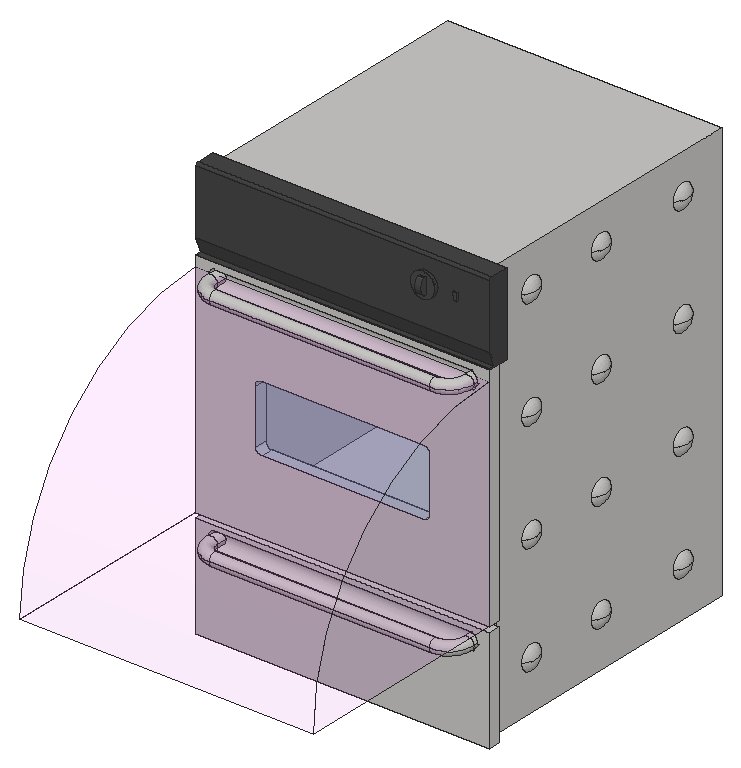
Revit family "QF_Summit_TTM7212BKW_Oven", category Specialty Equipment, Revit 2020
Family settings
  Round Connector Dimension = Use Diameter
  Part Type = Normal
  Work Plane-Based = No
  Always vertical = Yes
  Cut with Voids When Loaded = No
  Shared = No
  Room Calculation Point = No
Parameters
  Weight in Pounds = 140
  Watts = if(Phase = 3, Volts * FL Amps * 1.73, Volts * FL Amps)  # 414 W
  Volts = 115 V
  URL Cutsheet = ""
  Specification by User = ""
  Specification by Manufacturer = ""
  Show Clearance [instance] = yes
  Serial Number = ""
  Seismic Rating = ""
  SMACNA No = ""
  Revision Code = ""
  Phase = 1
  Number of Poles = 1
  NAFEM Spec ID Number = ""
  Model = "TTM7212BKW"
  Min Ckt Ampacity = 0 A
  Max Overcurrent Protection = 0 A
  Masterspec = ""
  Manufacturer = "Summit"
  Length = 24"
  Item Number = ""
  Installed By = ""
  Identify Quantity as Lot = yes
  Height = 34 1/2"
  HP = ""
  Furnished By = ""
  Foodservice Equipment Identifier = yes
  FL Amps = 3.6 A
  Electrical Remarks = ""
  Electric Connection Type = ""
  Elec Conn RI Height = 0"
  Elec Conn Connection Height = 0"
  Description = "Oven"
  Depth = 24 3/4"
  Default Elevation = 0"
  Cycle = 60 Hz
  Conn Plug = ""
  Conn Conduit = yes
  CSI MasterFormat = ""
  Apparent Power = if(Phase = 3, Volts * FL Amps * 1.73, Volts * FL Amps)  # 414 VA
Reference planes (in)
  plane 1 "BACK": y = 0
  plane 2: z = 0
  plane 3 "LEFT": x = 0
  plane 4 "RIGHT": x = 24
  plane 5 "FRONT": y = -24.75
  plane 6 "TOP": z = 34.875
  plane 7 "Center Y": x = 12
  plane 8 "Center X": y = -12.375
  plane 9: y = -23
  plane 10: y = -27.125
  plane 11: z = 27.75
  plane 12: z = 8.5
  plane 13: z = 8.875
  plane 14: y = -42.75
  plane 15: z = 34.5
Forms (in)
  Extrusion 1, solid, material "QF_Metal_Stainless_Polished"
    sketch origin (0, 0, 0) x (1, 0, 0) y (0, 1, 0)
      loop
        line (0.8125, 0) -> (0.8125, -23) -> (23.1875, -23) -> (23.1875, 0) -> (0.8125, 0)
    from 0 to 34.375
  Extrusion 2, solid, material "QF_Metal_Stainless_Polished"
    sketch origin (0, -24.75, 0.125) x (1, 0, 0) y (0, 0, 1)
      loop
        line (0, 8.375) -> (0, -0.125) -> (24, -0.125) -> (24, 8.375) -> (0, 8.375)
      loop
        line (0, 8.75) -> (24, 8.75) -> (24, 27.625) -> (0, 27.625) -> (0, 8.75)
    from 0 to -1
  Extrusion 3, solid, material "QF_Metal_Black"
    sketch origin (0, 0, 0) x (0, 1, 0) y (0, 0, 1)
      loop
        line (-23, 34.5) -> (-24.5, 34.5)
        arc (-24.5, 34.5) -> (-24.67678, 34.42678) -> (-24.75, 34.25) r 0.25
        line (-24.75, 34.25) -> (-24.75, 29) -> (-24.25, 27.79419) -> (-24.75, 27.79419) -> (-24.75, 27.75) -> (-23, 27.75) -> (-23, 34.5)
    from 0 to 24
  Revolve 4, void
    sketch origin (0, -0.05469, 26.49744) x (1, 0, 0) y (0, 1, 0)
      loop
        line (1, -24.90625) -> (23, -24.90625) -> (23, -24.75262)
        arc (23, -24.75262) -> (22.82068, -24.31969) -> (22.38775, -24.14037) r 0.61225
        line (22.38775, -24.14037) -> (1.61225, -24.14037)
        arc (1.61225, -24.14037) -> (1.17932, -24.31969) -> (1, -24.75262) r 0.61225
        line (1, -24.75262) -> (1, -24.90625)
      axis (23, -24.90625) -> (1, -24.90625)
    angle from -134.169 to 145.733
  Revolve 5, void
    sketch origin (0, -0.05469, 7.32557) x (1, 0, 0) y (0, 1, 0)
      loop
        line (1, -24.90625) -> (23, -24.90625) -> (23, -24.75262)
        arc (23, -24.75262) -> (22.82068, -24.31969) -> (22.38775, -24.14037) r 0.61225
        line (22.38775, -24.14037) -> (1.61225, -24.14037)
        arc (1.61225, -24.14037) -> (1.17932, -24.31969) -> (1, -24.75262) r 0.61225
        line (1, -24.75262) -> (1, -24.90625)
      axis (23, -24.90625) -> (1, -24.90625)
    angle from -134.169 to 145.733
  Sweep 6, solid, material "QF_Metal_Stainless_Polished"
    path origin (0, 0, 0) x (1, 0, 0) y (0, 1, 0)
      loop
        line (1, -24.25) -> (1, -25.125)
        arc (1, -25.125) -> (1.58579, -26.53921) -> (3, -27.125) r 2
        line (3, -27.125) -> (21, -27.125)
        arc (21, -27.125) -> (22.41421, -26.53921) -> (23, -25.125) r 2
        line (23, -25.125) -> (23, -24.25)
    profile origin (12, -27.125, 0) x (0, 1, 0) y (0, 0, 1)
      loop
        circle (0.5, 26.5) r 0.5
  Sweep 7, solid, material "QF_Metal_Stainless_Polished"
    path origin (0, 0, -19.17187) x (1, 0, 0) y (0, 1, 0)
      loop
        line (1, -24.25) -> (1, -25.125)
        arc (1, -25.125) -> (1.58579, -26.53921) -> (3, -27.125) r 2
        line (3, -27.125) -> (21, -27.125)
        arc (21, -27.125) -> (22.41421, -26.53921) -> (23, -25.125) r 2
        line (23, -25.125) -> (23, -24.25)
    profile origin (12, -27.125, -19.17187) x (0, 1, 0) y (0, 0, 1)
      loop
        circle (0.5, 26.5) r 0.5
  Extrusion 8, solid, material "QF_Plastic_Black_Smooth"
    sketch origin (20.91227, -24, 32.63936) x (0, 0, 1) y (0, -1, 0)
      loop
        line (-0.12746, 0.75) -> (-0.12746, 0.85905)
        arc (-0.12746, 0.85905) -> (-0.44721, 0.83236) -> (-0.76795, 0.82343) r 5.7865
        line (-0.76795, 0.82343) -> (-0.76795, 0.75) -> (-0.12746, 0.75)
    from 0.1968 to 0.4972
  Extrusion 9, solid, material "QF_Plastic_Black_Smooth"
    sketch origin (0, -24.75, 29) x (0, 0, 1) y (-1, 0, 0)
      loop
        circle (3.25, -18.75) r 1
    from 0 to 0.25
  Extrusion 10, solid, material "QF_Plastic_Black_Smooth"
    sketch origin (-0.04382, 0, 0) x (0, 1, 0) y (0, 0, 1)
      loop
        line (-25, 32.91606) -> (-25.15555, 32.91606)
        arc (-25.15555, 32.91606) -> (-25.5, 32.2654) -> (-25.15555, 31.61474) r 0.78677
        line (-25.15555, 31.61474) -> (-25, 31.61474) -> (-25, 32.91606)
    from 19.04382 to 18.54382
  Revolve 11, solid, material "QF_Metal_Stainless_Polished"
    sketch origin (0, 0, 4.125) x (1, 0, 0) y (0, 1, 0)
      loop
        line (23.1875, -4) -> (23.6875, -4)
        arc (23.6875, -4) -> (23.55162, -3.44294) -> (23.1875, -3) r 1.28845
        line (23.1875, -3) -> (23.1875, -4)
      axis (23.1875, -4) -> (23.6875, -4)
    angle from 0 to 360
  Revolve 12, solid, material "QF_Metal_Stainless_Polished"
    sketch origin (0, 0, 13.125) x (1, 0, 0) y (0, 1, 0)
      loop
        line (23.1875, -4) -> (23.6875, -4)
        arc (23.6875, -4) -> (23.55162, -3.44294) -> (23.1875, -3) r 1.28845
        line (23.1875, -3) -> (23.1875, -4)
      axis (23.1875, -4) -> (23.6875, -4)
    angle from 0 to 360
  Revolve 13, solid, material "QF_Metal_Stainless_Polished"
    sketch origin (0, 0, 22.125) x (1, 0, 0) y (0, 1, 0)
      loop
        line (23.1875, -4) -> (23.6875, -4)
        arc (23.6875, -4) -> (23.55162, -3.44294) -> (23.1875, -3) r 1.28845
        line (23.1875, -3) -> (23.1875, -4)
      axis (23.1875, -4) -> (23.6875, -4)
    angle from 0 to 360
  Revolve 14, solid, material "QF_Metal_Stainless_Polished"
    sketch origin (0, 0, 31.125) x (1, 0, 0) y (0, 1, 0)
      loop
        line (23.1875, -4) -> (23.6875, -4)
        arc (23.6875, -4) -> (23.55162, -3.44294) -> (23.1875, -3) r 1.28845
        line (23.1875, -3) -> (23.1875, -4)
      axis (23.1875, -4) -> (23.6875, -4)
    angle from 0 to 360
  Revolve 15, solid, material "QF_Metal_Stainless_Polished"
    sketch origin (0, -8, 31.125) x (1, 0, 0) y (0, 1, 0)
      loop
        line (23.1875, -4.375) -> (23.6875, -4.375)
        arc (23.6875, -4.375) -> (23.55162, -3.81794) -> (23.1875, -3.375) r 1.28845
        line (23.1875, -3.375) -> (23.1875, -4.375)
      axis (23.1875, -4.375) -> (23.6875, -4.375)
    angle from 0 to 360
  Revolve 16, solid, material "QF_Metal_Stainless_Polished"
    sketch origin (0, -15.5, 31.125) x (1, 0, 0) y (0, 1, 0)
      loop
        line (23.1875, -4) -> (23.6875, -4)
        arc (23.6875, -4) -> (23.55162, -3.44294) -> (23.1875, -3) r 1.28845
        line (23.1875, -3) -> (23.1875, -4)
      axis (23.1875, -4) -> (23.6875, -4)
    angle from 0 to 360
  Revolve 17, solid, material "QF_Metal_Stainless_Polished"
    sketch origin (0, -8, 4.125) x (1, 0, 0) y (0, 1, 0)
      loop
        line (23.1875, -4.375) -> (23.6875, -4.375)
        arc (23.6875, -4.375) -> (23.55162, -3.81794) -> (23.1875, -3.375) r 1.28845
        line (23.1875, -3.375) -> (23.1875, -4.375)
      axis (23.1875, -4.375) -> (23.6875, -4.375)
    angle from 0 to 360
  Revolve 18, solid, material "QF_Metal_Stainless_Polished"
    sketch origin (0, -8, 13.125) x (1, 0, 0) y (0, 1, 0)
      loop
        line (23.1875, -4.375) -> (23.6875, -4.375)
        arc (23.6875, -4.375) -> (23.55162, -3.81794) -> (23.1875, -3.375) r 1.28845
        line (23.1875, -3.375) -> (23.1875, -4.375)
      axis (23.1875, -4.375) -> (23.6875, -4.375)
    angle from 0 to 360
  Revolve 19, solid, material "QF_Metal_Stainless_Polished"
    sketch origin (0, -8, 22.125) x (1, 0, 0) y (0, 1, 0)
      loop
        line (23.1875, -4.375) -> (23.6875, -4.375)
        arc (23.6875, -4.375) -> (23.55162, -3.81794) -> (23.1875, -3.375) r 1.28845
        line (23.1875, -3.375) -> (23.1875, -4.375)
      axis (23.1875, -4.375) -> (23.6875, -4.375)
    angle from 0 to 360
  Revolve 20, solid, material "QF_Metal_Stainless_Polished"
    sketch origin (0, -15.5, 4.125) x (1, 0, 0) y (0, 1, 0)
      loop
        line (23.1875, -4) -> (23.6875, -4)
        arc (23.6875, -4) -> (23.55162, -3.44294) -> (23.1875, -3) r 1.28845
        line (23.1875, -3) -> (23.1875, -4)
      axis (23.1875, -4) -> (23.6875, -4)
    angle from 0 to 360
  Revolve 21, solid, material "QF_Metal_Stainless_Polished"
    sketch origin (0, -15.5, 13.125) x (1, 0, 0) y (0, 1, 0)
      loop
        line (23.1875, -4) -> (23.6875, -4)
        arc (23.6875, -4) -> (23.55162, -3.44294) -> (23.1875, -3) r 1.28845
        line (23.1875, -3) -> (23.1875, -4)
      axis (23.1875, -4) -> (23.6875, -4)
    angle from 0 to 360
  Revolve 22, solid, material "QF_Metal_Stainless_Polished"
    sketch origin (0, -15.5, 22.125) x (1, 0, 0) y (0, 1, 0)
      loop
        line (23.1875, -4) -> (23.6875, -4)
        arc (23.6875, -4) -> (23.55162, -3.44294) -> (23.1875, -3) r 1.28845
        line (23.1875, -3) -> (23.1875, -4)
      axis (23.1875, -4) -> (23.6875, -4)
    angle from 0 to 360
  Revolve 23, solid, material "QF_Metal_Stainless_Polished"
    sketch origin (24, 0, 4.125) x (-1, 0, 0) y (0, -1, 0)
      loop
        line (23.1875, 4) -> (23.1875, 3)
        arc (23.1875, 3) -> (23.55162, 3.44294) -> (23.6875, 4) r 1.28845
        line (23.6875, 4) -> (23.1875, 4)
      axis (23.1875, 4) -> (23.6875, 4)
    angle from 0 to 360
  Revolve 24, solid, material "QF_Metal_Stainless_Polished"
    sketch origin (24, 0, 13.125) x (-1, 0, 0) y (0, -1, 0)
      loop
        line (23.1875, 4) -> (23.1875, 3)
        arc (23.1875, 3) -> (23.55162, 3.44294) -> (23.6875, 4) r 1.28845
        line (23.6875, 4) -> (23.1875, 4)
      axis (23.1875, 4) -> (23.6875, 4)
    angle from 0 to 360
  Revolve 25, solid, material "QF_Metal_Stainless_Polished"
    sketch origin (24, 0, 22.125) x (-1, 0, 0) y (0, -1, 0)
      loop
        line (23.1875, 4) -> (23.1875, 3)
        arc (23.1875, 3) -> (23.55162, 3.44294) -> (23.6875, 4) r 1.28845
        line (23.6875, 4) -> (23.1875, 4)
      axis (23.1875, 4) -> (23.6875, 4)
    angle from 0 to 360
  Revolve 26, solid, material "QF_Metal_Stainless_Polished"
    sketch origin (24, 0, 31.125) x (-1, 0, 0) y (0, -1, 0)
      loop
        line (23.1875, 4) -> (23.1875, 3)
        arc (23.1875, 3) -> (23.55162, 3.44294) -> (23.6875, 4) r 1.28845
        line (23.6875, 4) -> (23.1875, 4)
      axis (23.1875, 4) -> (23.6875, 4)
    angle from 0 to 360
  Revolve 27, solid, material "QF_Metal_Stainless_Polished"
    sketch origin (24, -8, 31.125) x (-1, 0, 0) y (0, -1, 0)
      loop
        line (23.1875, 4.375) -> (23.1875, 3.375)
        arc (23.1875, 3.375) -> (23.55162, 3.81794) -> (23.6875, 4.375) r 1.28845
        line (23.6875, 4.375) -> (23.1875, 4.375)
      axis (23.1875, 4.375) -> (23.6875, 4.375)
    angle from 0 to 360
  Revolve 28, solid, material "QF_Metal_Stainless_Polished"
    sketch origin (24, -15.5, 31.125) x (-1, 0, 0) y (0, -1, 0)
      loop
        line (23.1875, 4) -> (23.1875, 3)
        arc (23.1875, 3) -> (23.55162, 3.44294) -> (23.6875, 4) r 1.28845
        line (23.6875, 4) -> (23.1875, 4)
      axis (23.1875, 4) -> (23.6875, 4)
    angle from 0 to 360
  Revolve 29, solid, material "QF_Metal_Stainless_Polished"
    sketch origin (24, -8, 4.125) x (-1, 0, 0) y (0, -1, 0)
      loop
        line (23.1875, 4.375) -> (23.1875, 3.375)
        arc (23.1875, 3.375) -> (23.55162, 3.81794) -> (23.6875, 4.375) r 1.28845
        line (23.6875, 4.375) -> (23.1875, 4.375)
      axis (23.1875, 4.375) -> (23.6875, 4.375)
    angle from 0 to 360
  Revolve 30, solid, material "QF_Metal_Stainless_Polished"
    sketch origin (24, -8, 13.125) x (-1, 0, 0) y (0, -1, 0)
      loop
        line (23.1875, 4.375) -> (23.1875, 3.375)
        arc (23.1875, 3.375) -> (23.55162, 3.81794) -> (23.6875, 4.375) r 1.28845
        line (23.6875, 4.375) -> (23.1875, 4.375)
      axis (23.1875, 4.375) -> (23.6875, 4.375)
    angle from 0 to 360
  Revolve 31, solid, material "QF_Metal_Stainless_Polished"
    sketch origin (24, -8, 22.125) x (-1, 0, 0) y (0, -1, 0)
      loop
        line (23.1875, 4.375) -> (23.1875, 3.375)
        arc (23.1875, 3.375) -> (23.55162, 3.81794) -> (23.6875, 4.375) r 1.28845
        line (23.6875, 4.375) -> (23.1875, 4.375)
      axis (23.1875, 4.375) -> (23.6875, 4.375)
    angle from 0 to 360
  Revolve 32, solid, material "QF_Metal_Stainless_Polished"
    sketch origin (24, -15.5, 4.125) x (-1, 0, 0) y (0, -1, 0)
      loop
        line (23.1875, 4) -> (23.1875, 3)
        arc (23.1875, 3) -> (23.55162, 3.44294) -> (23.6875, 4) r 1.28845
        line (23.6875, 4) -> (23.1875, 4)
      axis (23.1875, 4) -> (23.6875, 4)
    angle from 0 to 360
  Revolve 33, solid, material "QF_Metal_Stainless_Polished"
    sketch origin (24, -15.5, 13.125) x (-1, 0, 0) y (0, -1, 0)
      loop
        line (23.1875, 4) -> (23.1875, 3)
        arc (23.1875, 3) -> (23.55162, 3.44294) -> (23.6875, 4) r 1.28845
        line (23.6875, 4) -> (23.1875, 4)
      axis (23.1875, 4) -> (23.6875, 4)
    angle from 0 to 360
  Revolve 34, solid, material "QF_Metal_Stainless_Polished"
    sketch origin (24, -15.5, 22.125) x (-1, 0, 0) y (0, -1, 0)
      loop
        line (23.1875, 4) -> (23.1875, 3)
        arc (23.1875, 3) -> (23.55162, 3.44294) -> (23.6875, 4) r 1.28845
        line (23.6875, 4) -> (23.1875, 4)
      axis (23.1875, 4) -> (23.6875, 4)
    angle from 0 to 360
  Extrusion 35, solid, material "QF_Metal_Stainless_Polished"
    sketch origin (0.8125, 0, 0) x (1, 0, 0) y (0, 0, -1)
      loop
        circle (11.1875, -33.47209) r 0.25
    from 0 to 0.0625
  Extrusion 36, void
    sketch origin (0, -24.75, 0.125) x (1, 0, 0) y (0, 0, 1)
      loop
        arc (19.125, 19.75) -> (18.97855, 20.10355) -> (18.625, 20.25) r 0.5
        line (18.625, 20.25) -> (5.375, 20.25)
        arc (5.375, 20.25) -> (5.02145, 20.10355) -> (4.875, 19.75) r 0.5
        line (4.875, 19.75) -> (4.875, 15.25)
        arc (4.875, 15.25) -> (5.02145, 14.89645) -> (5.375, 14.75) r 0.5
        line (5.375, 14.75) -> (18.625, 14.75)
        arc (18.625, 14.75) -> (18.97855, 14.89645) -> (19.125, 15.25) r 0.5
        line (19.125, 15.25) -> (19.125, 19.75)
    from 0.5311 to -1
  Extrusion 37, solid, material "Glass"
    sketch origin (0, -24.75, 0.125) x (1, 0, 0) y (0, 0, 1)
      loop
        arc (4.875, 15.25) -> (5.02145, 14.89645) -> (5.375, 14.75) r 0.5
        line (5.375, 14.75) -> (18.625, 14.75)
        arc (18.625, 14.75) -> (18.97855, 14.89645) -> (19.125, 15.25) r 0.5
        line (19.125, 15.25) -> (19.125, 19.75)
        arc (19.125, 19.75) -> (18.97855, 20.10355) -> (18.625, 20.25) r 0.5
        line (18.625, 20.25) -> (5.375, 20.25)
        arc (5.375, 20.25) -> (5.02145, 20.10355) -> (4.875, 19.75) r 0.5
        line (4.875, 19.75) -> (4.875, 15.25)
    from 0 to -1
  Extrusion 38, void
    sketch origin (0, 0, 0) x (1, 0, 0) y (0, 1, 0)
      loop
        line (2, -24.83785) -> (22, -24.83785) -> (22, -5) -> (2, -5) -> (2, -24.83785)
    from 8.875 to 27
  Extrusion 39, solid, material "QF_Clearances_Door_Drawer", visible <- "Show Clearance"
    sketch origin (0, 0, 0) x (0, 1, 0) y (0, 0, 1)
      loop
        line (-42.75, 8.875) -> (-24.75, 8.875) -> (-24.75, 26.875)
        arc (-24.75, 26.875) -> (-37.47792, 21.60292) -> (-42.75, 8.875) r 18
    from 0 to 24
Cuts and joins
  Revolve 4, Revolve 5, Extrusion 36 cuts Extrusion 2
  Extrusion 38 cuts Extrusion 1
Lines and regions (in)
  Split face 1
    outline origin (0, -24.75, 29) x (0, 0, 1) y (-1, 0, 0)
      loop
        arc (4.875, -1.25) -> (4.72855, -0.89645) -> (4.375, -0.75) r 0.5
        line (4.375, -0.75) -> (2.29419, -0.75)
        arc (2.29419, -0.75) -> (1.94064, -0.89645) -> (1.79419, -1.25) r 0.5
        line (1.79419, -1.25) -> (1.79419, -9)
        arc (1.79419, -9) -> (1.94064, -9.35355) -> (2.29419, -9.5) r 0.5
        line (2.29419, -9.5) -> (4.375, -9.5)
        arc (4.375, -9.5) -> (4.72855, -9.35355) -> (4.875, -9) r 0.5
        line (4.875, -9) -> (4.875, -1.25)
  Split face 2
    outline origin (0, -24.75, 29) x (0, 0, 1) y (-1, 0, 0)
      loop
        line (4.6875, -9) -> (4.6875, -1.25)
        arc (4.6875, -1.25) -> (4.59597, -1.02903) -> (4.375, -0.9375) r 0.3125
        line (4.375, -0.9375) -> (2.29419, -0.9375)
        arc (2.29419, -0.9375) -> (2.07322, -1.02903) -> (1.98169, -1.25) r 0.3125
        line (1.98169, -1.25) -> (1.98169, -9)
        arc (1.98169, -9) -> (2.07322, -9.22097) -> (2.29419, -9.3125) r 0.3125
        line (2.29419, -9.3125) -> (4.375, -9.3125)
        arc (4.375, -9.3125) -> (4.59597, -9.22097) -> (4.6875, -9) r 0.3125
  Split face 3
    outline origin (0, -24.75, 29) x (0, 0, 1) y (-1, 0, 0)
      loop
        arc (4.875, -10.54922) -> (4.72855, -10.19566) -> (4.375, -10.04922) r 0.5
        line (4.375, -10.04922) -> (2.29419, -10.04922)
        arc (2.29419, -10.04922) -> (1.94064, -10.19566) -> (1.79419, -10.54922) r 0.5
        line (1.79419, -10.54922) -> (1.79419, -22.6875)
        arc (1.79419, -22.6875) -> (1.94064, -23.04105) -> (2.29419, -23.1875) r 0.5
        line (2.29419, -23.1875) -> (4.375, -23.1875)
        arc (4.375, -23.1875) -> (4.72855, -23.04105) -> (4.875, -22.6875) r 0.5
        line (4.875, -22.6875) -> (4.875, -10.54922)
  Split face 4
    outline origin (0, -24.75, 29) x (0, 0, 1) y (-1, 0, 0)
      loop
        line (4.6875, -22.6875) -> (4.6875, -10.54922)
        arc (4.6875, -10.54922) -> (4.59597, -10.32825) -> (4.375, -10.23672) r 0.3125
        line (4.375, -10.23672) -> (2.29419, -10.23672)
        arc (2.29419, -10.23672) -> (2.07322, -10.32825) -> (1.98169, -10.54922) r 0.3125
        line (1.98169, -10.54922) -> (1.98169, -22.6875)
        arc (1.98169, -22.6875) -> (2.07322, -22.90847) -> (2.29419, -23) r 0.3125
        line (2.29419, -23) -> (4.375, -23)
        arc (4.375, -23) -> (4.59597, -22.90847) -> (4.6875, -22.6875) r 0.3125
  Split face 5
    outline origin (0, -24.75, 29) x (0, 0, 1) y (-1, 0, 0)
      loop
        line (3.61107, -3.77672) -> (2.86107, -3.77772) -> (2.86107, -6.76604) -> (3.61107, -6.76604) -> (3.61107, -3.77672)
  Split face 6
    outline origin (0, -24.75, 29) x (0, 0, 1) y (-1, 0, 0)
      loop
        arc (3.76732, -7.26422) -> (3.75267, -7.22887) -> (3.71732, -7.21422) r 0.05
        line (3.71732, -7.21422) -> (3.31732, -7.21422)
        arc (3.31732, -7.21422) -> (3.28196, -7.22887) -> (3.26732, -7.26422) r 0.05
        line (3.26732, -7.26422) -> (3.26732, -7.78922)
        arc (3.26732, -7.78922) -> (3.28196, -7.82458) -> (3.31732, -7.83922) r 0.05
        line (3.31732, -7.83922) -> (3.71732, -7.83922)
        arc (3.71732, -7.83922) -> (3.75267, -7.82458) -> (3.76732, -7.78922) r 0.05
        line (3.76732, -7.78922) -> (3.76732, -7.26422)
  Split face 7
    outline origin (0, -24.75, 29) x (0, 0, 1) y (-1, 0, 0)
      loop
        arc (3.20482, -7.26422) -> (3.19017, -7.22887) -> (3.15482, -7.21422) r 0.05
        line (3.15482, -7.21422) -> (2.75482, -7.21422)
        arc (2.75482, -7.21422) -> (2.71946, -7.22887) -> (2.70482, -7.26422) r 0.05
        line (2.70482, -7.26422) -> (2.70482, -7.78922)
        arc (2.70482, -7.78922) -> (2.71946, -7.82458) -> (2.75482, -7.83922) r 0.05
        line (2.75482, -7.83922) -> (3.15482, -7.83922)
        arc (3.15482, -7.83922) -> (3.19017, -7.82458) -> (3.20482, -7.78922) r 0.05
        line (3.20482, -7.78922) -> (3.20482, -7.26422)
  Split face 8
    outline origin (0, -24.75, 29) x (0, 0, 1) y (-1, 0, 0)
      loop
        line (3.76732, -3.28922) -> (3.76732, -2.76422)
        arc (3.76732, -2.76422) -> (3.75267, -2.72887) -> (3.71732, -2.71422) r 0.05
        line (3.71732, -2.71422) -> (3.31732, -2.71422)
        arc (3.31732, -2.71422) -> (3.28196, -2.72887) -> (3.26732, -2.76422) r 0.05
        line (3.26732, -2.76422) -> (3.26732, -3.28922)
        arc (3.26732, -3.28922) -> (3.28196, -3.32458) -> (3.31732, -3.33922) r 0.05
        line (3.31732, -3.33922) -> (3.71732, -3.33922)
        arc (3.71732, -3.33922) -> (3.75267, -3.32458) -> (3.76732, -3.28922) r 0.05
  Split face 9
    outline origin (0, -24.75, 29) x (0, 0, 1) y (-1, 0, 0)
      loop
        line (3.20482, -3.28922) -> (3.20482, -2.76422)
        arc (3.20482, -2.76422) -> (3.19017, -2.72887) -> (3.15482, -2.71422) r 0.05
        line (3.15482, -2.71422) -> (2.75482, -2.71422)
        arc (2.75482, -2.71422) -> (2.71946, -2.72887) -> (2.70482, -2.76422) r 0.05
        line (2.70482, -2.76422) -> (2.70482, -3.28922)
        arc (2.70482, -3.28922) -> (2.71946, -3.32458) -> (2.75482, -3.33922) r 0.05
        line (2.75482, -3.33922) -> (3.15482, -3.33922)
        arc (3.15482, -3.33922) -> (3.19017, -3.32458) -> (3.20482, -3.28922) r 0.05
  Split face 10
    outline origin (0, -24.75, 28.99886) x (0, 0, 1) y (-1, 0, 0)
      loop
        line (2.81005, -21.04657) -> (2.81005, -21.47197) -> (3.57418, -21.47197) -> (3.57418, -21.04657) -> (2.81005, -21.04657)
  Split face 11
    outline origin (0, -24.75, 29) x (0, 0, 1) y (-1, 0, 0)
      loop
        circle (3.35208, -16.21465) r 0.25
  Split face 12
    outline origin (0, -24.75, 29) x (0, 0, 1) y (-1, 0, 0)
      loop
        line (3.86007, -2.52672) -> (2.61107, -2.52672) -> (2.61107, -8.02672) -> (3.86007, -8.02572) -> (3.86007, -2.52672)
  Split face 13
    outline origin (0, -24.75, 29) x (0, 0, 1) y (-1, 0, 0)
      loop
        line (2.76785, -11.07996) -> (2.76785, -15.07996) -> (3.66458, -15.07996) -> (3.66458, -11.07996) -> (2.76785, -11.07996)
  Split face 14
    outline origin (0, -24.75, 29) x (0, 0, 1) y (-1, 0, 0)
      loop
        line (3.70482, -3.27672) -> (3.70482, -2.77672) -> (3.32982, -2.77672) -> (3.32982, -3.27672) -> (3.70482, -3.27672)
  Split face 15
    outline origin (0, -24.75, 29) x (0, 0, 1) y (-1, 0, 0)
      loop
        line (2.76732, -3.27672) -> (3.14232, -3.27672) -> (3.14232, -2.77672) -> (2.76732, -2.77672) -> (2.76732, -3.27672)
  Split face 16
    outline origin (0, -24.75, 29) x (0, 0, 1) y (-1, 0, 0)
      loop
        line (3.70482, -7.27672) -> (3.32982, -7.27672) -> (3.32982, -7.77672) -> (3.70482, -7.77672) -> (3.70482, -7.27672)
  Split face 17
    outline origin (0, -24.75, 29) x (0, 0, 1) y (-1, 0, 0)
      loop
        line (3.14232, -7.27672) -> (2.76732, -7.27672) -> (2.76732, -7.77672) -> (3.14232, -7.77672) -> (3.14232, -7.27672)
  symbolic lines
    curve 1: line (0, -24.75, 27) -> (0, -24.75, 26)
    curve 2: line (0.8125, 0, 0) -> (23.1875, 0, 0)
    curve 3: line (0.8125, -23, 0) -> (0.8125, 0, 0)
    curve 4: line (24, -23, 0) -> (0, -23, 0)
    curve 5: line (23.1875, 0, 0) -> (23.1875, -23, 0)
    curve 6: line (0, -23, 0) -> (0, -24.75, 0)
    curve 7: line (0, -24.75, 0) -> (24, -24.75, 0)
    curve 8: line (24, -24.75, 0) -> (24, -23, 0)
    curve 9: line (21.10907, -24.75, 0) -> (21.10907, -24.85905, 0)
    curve 10: line (21.10907, -24.85905, 0) -> (21.40947, -24.85905, 0)
    curve 11: line (21.40947, -24.85905, 0) -> (21.40947, -24.75, 0)
    curve 12: line (19.74618, -25, 0) -> (17.74618, -25, 0)
    curve 13: line (17.74618, -25, 0) -> (17.74618, -24.75, 0)
    curve 14: line (19.74618, -25, 0) -> (19.74618, -24.75, 0)
    curve 15: line (18.5, -25, 0) -> (18.5, -25.5, 0)
    curve 16: line (18.5, -25.5, 0) -> (19, -25.5, 0)
    curve 17: line (19, -25.5, 0) -> (19, -25, 0)
    curve 18: line (2.99288, -27.125, 0) -> (21.00712, -27.125, 0)
    curve 19: line (1, -24.75, 0) -> (1, -25.13212, 0)
    curve 20: arc (1, -25.13212, 0) -> (1.5837, -26.5413, 0) -> (2.99288, -27.125, 0) r 1.99288
    curve 21: line (2, -24.75, 0) -> (2, -25.125, 0)
    curve 22: line (3, -26.125, 0) -> (21, -26.125, 0)
    curve 23: arc (2, -25.125, 0) -> (2.29289, -25.8321, 0) -> (3, -26.125, 0) r 1
    curve 24: line (23, -24.75, 0) -> (23, -25.13212, 0)
    curve 25: arc (23, -25.13212, 0) -> (22.4163, -26.5413, 0) -> (21.00712, -27.125, 0) r 1.99288
    curve 26: line (22, -24.75, 0) -> (22, -25.125, 0)
    curve 27: arc (22, -25.125, 0) -> (21.70711, -25.8321, 0) -> (21, -26.125, 0) r 1
    curve 28: arc (23.1875, -3.00968, 0) -> (23.69024, -4.00968, 0) -> (23.1875, -5.00968, 0) r 1.24593
    curve 29: arc (23.1875, -11.375, 0) -> (23.69024, -12.375, 0) -> (23.1875, -13.375, 0) r 1.24593
    curve 30: arc (23.1875, -18.5, 0) -> (23.69024, -19.5, 0) -> (23.1875, -20.5, 0) r 1.24593
    curve 31: arc (0.8125, -3.00968, 0) -> (0.30976, -4.00968, 0) -> (0.8125, -5.00968, 0) r 1.24593
    curve 32: arc (0.8125, -11.375, 0) -> (0.30976, -12.375, 0) -> (0.8125, -13.375, 0) r 1.24593
    curve 33: arc (0.8125, -18.5, 0) -> (0.30976, -19.5, 0) -> (0.8125, -20.5, 0) r 1.24593
  symbolic lines, style "QF_Clearances_Door_Drawer", visible <- "Show Clearance"
    curve 34: line (0, -24.75, 0) -> (0, -42.75, 0)
    curve 35: line (0, -42.75, 0) -> (24, -42.75, 0)
    curve 36: line (24, -42.75, 0) -> (24, -24.75, 0)
Dimensions and locks (in)
  equal spacing: plane 3 "LEFT", plane 7 "Center Y", plane 4 "RIGHT"
  "Length": plane 3 "LEFT" to plane 4 "RIGHT"
  equal spacing: plane 5 "FRONT", plane 8 "Center X", plane 1 "BACK"
  "Depth": plane 5 "FRONT" to plane 1 "BACK"
  plane 6 "TOP" to level = 34 7/8"
  plane 9 to plane 1 "BACK" = 23"
  plane 10 to plane 5 "FRONT" = 2 3/8"
  plane 11 to level = 27 3/4"
  plane 12 to level = 8 1/2"
  plane 11 to plane 13 = 18 7/8"
  plane 14 to plane 1 "BACK" = 42 3/4"
  plane 9 to plane 5 "FRONT" = 1 3/4"
  cut or joined group of Extrusion 1, Extrusion 38 to cut or joined group of Extrusion 1, Extrusion 38 = 22 3/8"
  plane 15 to plane 2 = 34 1/2"
  aligned and locked: level to plane 2
Automatic sketch dimensions
  curve 1 to plane 5 "FRONT" = 0"
  curve 1 to plane 11 = 1 3/4"
  curve 1 to plane 11 = 3/4"
  Extrusion 1 sketch curve to plane 9 = 0"
  plane 1 "BACK" to Extrusion 1 sketch curve = 0"
  plane 4 "RIGHT" to Extrusion 1 sketch curve = 13/16"
  Extrusion 2 sketch curve to plane 3 "LEFT" = 0"  (x2)
  plane 4 "RIGHT" to Extrusion 2 sketch curve = 0"  (x2)
  Extrusion 2 sketch curve to level = 0"
  Extrusion 2 sketch curve to plane 12 = 0"
  Extrusion 2 sketch curve to plane 13 = 0"
  Extrusion 2 sketch curve to plane 11 = 0"
  plane 5 "FRONT" to Revolve 4 sketch curve = 0.0573"
  plane 4 "RIGHT" to Revolve 4 sketch curve = 1.61225"
  Revolve 4 sketch curve to Revolve 4 sketch curve = 0.61225"  (x2)
  Revolve 4 sketch curve to Revolve 4 sketch curve = 0.15363"
  plane 5 "FRONT" to Revolve 4 sketch curve = 27/128"
  Revolve 4 sketch curve to plane 3 "LEFT" = 1 1/4"
  plane 5 "FRONT" to Revolve 5 sketch curve = 0.0573"
  plane 4 "RIGHT" to Revolve 5 sketch curve = 1.61225"
  Revolve 5 sketch curve to Revolve 5 sketch curve = 0.61225"  (x2)
  Revolve 5 sketch curve to Revolve 5 sketch curve = 0.15363"
  plane 5 "FRONT" to Revolve 5 sketch curve = 27/128"
  Revolve 5 sketch curve to plane 3 "LEFT" = 1 1/4"
  Sweep 6 sketch curve to plane 10 = 0"
  plane 5 "FRONT" to Sweep 6 sketch curve = 3/8"  (x2)
  plane 4 "RIGHT" to Sweep 6 sketch curve = 3"
  Sweep 6 sketch curve to plane 5 "FRONT" = 1/2"  (x2)
  Sweep 6 sketch curve to profile plane = 1/2"
  level to Sweep 6 sketch curve = 26 1/2"
  Sweep 7 sketch curve to plane 10 = 0"
  plane 5 "FRONT" to Sweep 7 sketch curve = 3/8"  (x2)
  plane 4 "RIGHT" to Sweep 7 sketch curve = 3"
  Sweep 7 sketch curve to plane 5 "FRONT" = 1/2"  (x2)
  Sweep 7 sketch curve to profile plane = 1/2"
  profile plane to Sweep 7 sketch curve = 26 1/2"
  Split face 1 sketch curve to Extrusion 3 = 1.79419"
  Split face 1 sketch curve to Split face 1 sketch curve = 1/2"  (x3)
  Split face 1 sketch curve to Extrusion 3 = 9 1/2"
  Split face 1 sketch curve to Extrusion 3 = 1 1/4"
  Split face 2 sketch curve to Extrusion 3 = 1.98169"
  Split face 2 sketch curve to Split face 2 sketch curve = 5/16"  (x3)
  Split face 2 sketch curve to Extrusion 3 = 9 5/16"
  Split face 2 sketch curve to Extrusion 3 = 1 1/4"
  Split face 3 sketch curve to Extrusion 3 = 1.79419"
  Split face 3 sketch curve to Split face 3 sketch curve = 1/2"  (x3)
  Split face 3 sketch curve to Extrusion 3 = 13/16"
  Split face 3 sketch curve to Extrusion 3 = 10.54922"
  Split face 4 sketch curve to Extrusion 3 = 1.98169"
  Split face 4 sketch curve to Split face 4 sketch curve = 5/16"  (x3)
  Split face 4 sketch curve to Extrusion 3 = 1"
  Split face 4 sketch curve to Extrusion 3 = 10.54922"
  Split face 5 sketch curve to Split face 5 sketch curve = 3/4"
  Split face 5 sketch curve to Extrusion 3 = 6.76604"
  Split face 5 sketch curve to Split face 5 sketch curve = 2.98832"
  Extrusion 8 sketch curve to plane 5 "FRONT" = 0"
  Extrusion 8 sketch curve to Extrusion 8 sketch curve = 0.6405"
  plane 5 "FRONT" to Extrusion 8 sketch curve = 0.07343"
  Extrusion 8 sketch curve to Extrusion 8 sketch curve = 0.10905"
  Split face 10 sketch curve to Extrusion 3 = 2.80891"
  Split face 10 sketch curve to Split face 10 sketch curve = 0.76413"
  Split face 10 sketch curve to Extrusion 3 = 2.52803"
  Split face 10 sketch curve to Split face 10 sketch curve = 0.4254"
  Extrusion 3 to Extrusion 9 sketch curve = 5 1/4"
  plane 5 "FRONT" to Extrusion 10 sketch curve = 0.40555"  (x2)
  Extrusion 10 sketch curve to Extrusion 10 sketch curve = 0.15555"
  Extrusion 10 sketch curve to plane 5 "FRONT" = 0.03677"
  Extrusion 10 sketch curve to Extrusion 10 sketch curve = 0.65066"
  Split face 11 sketch curve to Extrusion 3 = 7.78535"
  plane 4 "RIGHT" to Revolve 11 sketch curve = 1.60081"
  Revolve 11 sketch curve to Revolve 11 sketch curve = 0.78831"
  plane 4 "RIGHT" to Revolve 11 sketch curve = 5/16"
  plane 1 "BACK" to Revolve 11 sketch curve = 4.01915"
  Revolve 11 sketch curve to Revolve 11 sketch curve = 0.01915"
  Revolve 11 sketch curve to Revolve 11 sketch curve = 0"  (x2)
  Revolve 11 sketch curve to plane 4 "RIGHT" = 1 11/16"
  plane 4 "RIGHT" to Revolve 12 sketch curve = 1.60081"
  Revolve 12 sketch curve to Revolve 12 sketch curve = 0.78831"
  plane 4 "RIGHT" to Revolve 12 sketch curve = 5/16"
  plane 1 "BACK" to Revolve 12 sketch curve = 4.01915"
  Revolve 12 sketch curve to Revolve 12 sketch curve = 0.01915"
  Revolve 12 sketch curve to Revolve 12 sketch curve = 0"  (x2)
  Revolve 12 sketch curve to plane 4 "RIGHT" = 1 11/16"
  plane 4 "RIGHT" to Revolve 13 sketch curve = 1.60081"
  Revolve 13 sketch curve to Revolve 13 sketch curve = 0.78831"
  plane 4 "RIGHT" to Revolve 13 sketch curve = 5/16"
  plane 1 "BACK" to Revolve 13 sketch curve = 4.01915"
  Revolve 13 sketch curve to Revolve 13 sketch curve = 0.01915"
  Revolve 13 sketch curve to Revolve 13 sketch curve = 0"  (x2)
  Revolve 13 sketch curve to plane 4 "RIGHT" = 1 11/16"
  plane 4 "RIGHT" to Revolve 14 sketch curve = 1.60081"
  Revolve 14 sketch curve to Revolve 14 sketch curve = 0.78831"
  plane 4 "RIGHT" to Revolve 14 sketch curve = 5/16"
  plane 1 "BACK" to Revolve 14 sketch curve = 4.01915"
  Revolve 14 sketch curve to Revolve 14 sketch curve = 0.01915"
  Revolve 14 sketch curve to Revolve 14 sketch curve = 0"  (x2)
  Revolve 14 sketch curve to plane 4 "RIGHT" = 1 11/16"
  Revolve 15 sketch curve to plane 8 "Center X" = 0"  (x2)
  Revolve 15 sketch curve to plane 8 "Center X" = 0.01915"
  plane 4 "RIGHT" to Revolve 15 sketch curve = 1.60081"
  Revolve 15 sketch curve to Revolve 15 sketch curve = 0.78831"
  plane 4 "RIGHT" to Revolve 15 sketch curve = 5/16"
  Revolve 15 sketch curve to Revolve 15 sketch curve = 0"
  Revolve 15 sketch curve to plane 4 "RIGHT" = 1 11/16"
  plane 4 "RIGHT" to Revolve 16 sketch curve = 1.60081"
  Revolve 16 sketch curve to Revolve 16 sketch curve = 0.78831"
  plane 4 "RIGHT" to Revolve 16 sketch curve = 5/16"
  plane 9 to Revolve 16 sketch curve = 3.48085"
  Revolve 16 sketch curve to Revolve 16 sketch curve = 0.01915"
  Revolve 16 sketch curve to Revolve 16 sketch curve = 0"  (x2)
  Revolve 16 sketch curve to plane 4 "RIGHT" = 1 11/16"
  Revolve 17 sketch curve to plane 8 "Center X" = 0"  (x2)
  Revolve 17 sketch curve to plane 8 "Center X" = 0.01915"
  plane 4 "RIGHT" to Revolve 17 sketch curve = 1.60081"
  Revolve 17 sketch curve to Revolve 17 sketch curve = 0.78831"
  plane 4 "RIGHT" to Revolve 17 sketch curve = 5/16"
  Revolve 17 sketch curve to Revolve 17 sketch curve = 0"
  Revolve 17 sketch curve to plane 4 "RIGHT" = 1 11/16"
  Revolve 18 sketch curve to plane 8 "Center X" = 0"  (x2)
  Revolve 18 sketch curve to plane 8 "Center X" = 0.01915"
  plane 4 "RIGHT" to Revolve 18 sketch curve = 1.60081"
  Revolve 18 sketch curve to Revolve 18 sketch curve = 0.78831"
  plane 4 "RIGHT" to Revolve 18 sketch curve = 5/16"
  Revolve 18 sketch curve to Revolve 18 sketch curve = 0"
  Revolve 18 sketch curve to plane 4 "RIGHT" = 1 11/16"
  Revolve 19 sketch curve to plane 8 "Center X" = 0"  (x2)
  Revolve 19 sketch curve to plane 8 "Center X" = 0.01915"
  plane 4 "RIGHT" to Revolve 19 sketch curve = 1.60081"
  Revolve 19 sketch curve to Revolve 19 sketch curve = 0.78831"
  plane 4 "RIGHT" to Revolve 19 sketch curve = 5/16"
  Revolve 19 sketch curve to Revolve 19 sketch curve = 0"
  Revolve 19 sketch curve to plane 4 "RIGHT" = 1 11/16"
  plane 4 "RIGHT" to Revolve 20 sketch curve = 1.60081"
  Revolve 20 sketch curve to Revolve 20 sketch curve = 0.78831"
  plane 4 "RIGHT" to Revolve 20 sketch curve = 5/16"
  plane 9 to Revolve 20 sketch curve = 3.48085"
  Revolve 20 sketch curve to Revolve 20 sketch curve = 0.01915"
  Revolve 20 sketch curve to Revolve 20 sketch curve = 0"  (x2)
  Revolve 20 sketch curve to plane 4 "RIGHT" = 1 11/16"
  plane 4 "RIGHT" to Revolve 21 sketch curve = 1.60081"
  Revolve 21 sketch curve to Revolve 21 sketch curve = 0.78831"
  plane 4 "RIGHT" to Revolve 21 sketch curve = 5/16"
  plane 9 to Revolve 21 sketch curve = 3.48085"
  Revolve 21 sketch curve to Revolve 21 sketch curve = 0.01915"
  Revolve 21 sketch curve to Revolve 21 sketch curve = 0"  (x2)
  Revolve 21 sketch curve to plane 4 "RIGHT" = 1 11/16"
  plane 4 "RIGHT" to Revolve 22 sketch curve = 1.60081"
  Revolve 22 sketch curve to Revolve 22 sketch curve = 0.78831"
  plane 4 "RIGHT" to Revolve 22 sketch curve = 5/16"
  plane 9 to Revolve 22 sketch curve = 3.48085"
  Revolve 22 sketch curve to Revolve 22 sketch curve = 0.01915"
  Revolve 22 sketch curve to Revolve 22 sketch curve = 0"  (x2)
  Revolve 22 sketch curve to plane 4 "RIGHT" = 1 11/16"
  plane 3 "LEFT" to Revolve 23 sketch curve = 5/16"
  plane 1 "BACK" to Revolve 23 sketch curve = 3"
  Revolve 23 sketch curve to Revolve 23 sketch curve = 1"
  Revolve 23 sketch curve to Revolve 23 sketch curve = 0"  (x2)
  Revolve 23 sketch curve to plane 3 "LEFT" = 1 11/16"
  plane 3 "LEFT" to Revolve 24 sketch curve = 5/16"
  plane 1 "BACK" to Revolve 24 sketch curve = 3"
  Revolve 24 sketch curve to Revolve 24 sketch curve = 1"
  Revolve 24 sketch curve to Revolve 24 sketch curve = 0"  (x2)
  Revolve 24 sketch curve to plane 3 "LEFT" = 1 11/16"
  plane 3 "LEFT" to Revolve 25 sketch curve = 5/16"
  plane 1 "BACK" to Revolve 25 sketch curve = 3"
  Revolve 25 sketch curve to Revolve 25 sketch curve = 1"
  Revolve 25 sketch curve to Revolve 25 sketch curve = 0"  (x2)
  Revolve 25 sketch curve to plane 3 "LEFT" = 1 11/16"
  plane 3 "LEFT" to Revolve 26 sketch curve = 5/16"
  plane 1 "BACK" to Revolve 26 sketch curve = 3"
  Revolve 26 sketch curve to Revolve 26 sketch curve = 1"
  Revolve 26 sketch curve to Revolve 26 sketch curve = 0"  (x2)
  Revolve 26 sketch curve to plane 3 "LEFT" = 1 11/16"
  Revolve 27 sketch curve to plane 8 "Center X" = 0"  (x2)
  Revolve 27 sketch curve to plane 8 "Center X" = 0.01915"
  plane 3 "LEFT" to Revolve 27 sketch curve = 5/16"
  Revolve 27 sketch curve to Revolve 27 sketch curve = 0"
  Revolve 27 sketch curve to plane 3 "LEFT" = 1 11/16"
  plane 3 "LEFT" to Revolve 28 sketch curve = 5/16"
  plane 9 to Revolve 28 sketch curve = 4 1/2"
  Revolve 28 sketch curve to Revolve 28 sketch curve = 1"
  Revolve 28 sketch curve to Revolve 28 sketch curve = 0"  (x2)
  Revolve 28 sketch curve to plane 3 "LEFT" = 1 11/16"
  Revolve 29 sketch curve to plane 8 "Center X" = 0"  (x2)
  Revolve 29 sketch curve to plane 8 "Center X" = 0.01915"
  plane 3 "LEFT" to Revolve 29 sketch curve = 5/16"
  Revolve 29 sketch curve to Revolve 29 sketch curve = 0"
  Revolve 29 sketch curve to plane 3 "LEFT" = 1 11/16"
  Revolve 30 sketch curve to plane 8 "Center X" = 0"  (x2)
  Revolve 30 sketch curve to plane 8 "Center X" = 0.01915"
  plane 3 "LEFT" to Revolve 30 sketch curve = 5/16"
  Revolve 30 sketch curve to Revolve 30 sketch curve = 0"
  Revolve 30 sketch curve to plane 3 "LEFT" = 1 11/16"
  Revolve 31 sketch curve to plane 8 "Center X" = 0"  (x2)
  Revolve 31 sketch curve to plane 8 "Center X" = 0.01915"
  plane 3 "LEFT" to Revolve 31 sketch curve = 5/16"
  Revolve 31 sketch curve to Revolve 31 sketch curve = 0"
  Revolve 31 sketch curve to plane 3 "LEFT" = 1 11/16"
  plane 3 "LEFT" to Revolve 32 sketch curve = 5/16"
  plane 9 to Revolve 32 sketch curve = 4 1/2"
  Revolve 32 sketch curve to Revolve 32 sketch curve = 1"
  Revolve 32 sketch curve to Revolve 32 sketch curve = 0"  (x2)
  Revolve 32 sketch curve to plane 3 "LEFT" = 1 11/16"
  plane 3 "LEFT" to Revolve 33 sketch curve = 5/16"
  plane 9 to Revolve 33 sketch curve = 4 1/2"
  Revolve 33 sketch curve to Revolve 33 sketch curve = 1"
  Revolve 33 sketch curve to Revolve 33 sketch curve = 0"  (x2)
  Revolve 33 sketch curve to plane 3 "LEFT" = 1 11/16"
  plane 3 "LEFT" to Revolve 34 sketch curve = 5/16"
  plane 9 to Revolve 34 sketch curve = 4 1/2"
  Revolve 34 sketch curve to Revolve 34 sketch curve = 1"
  Revolve 34 sketch curve to Revolve 34 sketch curve = 0"  (x2)
  Revolve 34 sketch curve to plane 3 "LEFT" = 1 11/16"
  Extrusion 1 to Extrusion 35 sketch curve = 0.90291"
  Extrusion 35 sketch curve to Extrusion 1 = 11 3/16"
  Extrusion 37 sketch curve to Extrusion 2 = 4 7/8"
  Extrusion 37 sketch curve to Extrusion 37 sketch curve = 1/2"  (x3)
  Extrusion 37 sketch curve to Extrusion 2 = 5 3/8"
  Extrusion 37 sketch curve to Extrusion 37 sketch curve = 0"
  Extrusion 37 sketch curve to Extrusion 2 = 6"
  Extrusion 37 sketch curve to Extrusion 37 sketch curve = 4 1/2"
  Extrusion 38 sketch curve to plane 9 = 1.83785"
  plane 4 "RIGHT" to Extrusion 38 sketch curve = 2"
  plane 1 "BACK" to Extrusion 38 sketch curve = 5"
  Extrusion 8 sketch curve to plane 6 "TOP" = 3.00359"
  Extrusion 8 sketch curve to plane 6 "TOP" = 3.00417"
  Extrusion 10 sketch curve to plane 6 "TOP" = 3.26026"
  plane 3 "LEFT" to Extrusion 1 sketch curve = 13/16"
  plane 3 "LEFT" to Revolve 4 sketch curve = 1"
  Revolve 4 sketch curve to Revolve 4 sketch curve = 0"
  plane 3 "LEFT" to Revolve 5 sketch curve = 1"
  Revolve 5 sketch curve to Revolve 5 sketch curve = 0"
  plane 3 "LEFT" to Sweep 6 sketch curve = 3"
  plane 3 "LEFT" to Sweep 7 sketch curve = 3"
  Revolve 23 sketch curve to Revolve 23 sketch curve = 1/2"
  Revolve 23 sketch curve to Revolve 23 sketch curve = 0.78831"
  Revolve 24 sketch curve to Revolve 24 sketch curve = 1/2"
  Revolve 24 sketch curve to Revolve 24 sketch curve = 0.78831"
  Revolve 25 sketch curve to Revolve 25 sketch curve = 1/2"
  Revolve 25 sketch curve to Revolve 25 sketch curve = 0.78831"
  Revolve 26 sketch curve to Revolve 26 sketch curve = 1/2"
  Revolve 26 sketch curve to Revolve 26 sketch curve = 0.78831"
  Revolve 27 sketch curve to Revolve 27 sketch curve = 1/2"
  Revolve 27 sketch curve to Revolve 27 sketch curve = 0.78831"
  Revolve 28 sketch curve to Revolve 28 sketch curve = 1/2"
  Revolve 28 sketch curve to Revolve 28 sketch curve = 0.78831"
  Revolve 29 sketch curve to Revolve 29 sketch curve = 1/2"
  Revolve 29 sketch curve to Revolve 29 sketch curve = 0.78831"
  Revolve 30 sketch curve to Revolve 30 sketch curve = 1/2"
  Revolve 30 sketch curve to Revolve 30 sketch curve = 0.78831"
  Revolve 31 sketch curve to Revolve 31 sketch curve = 1/2"
  Revolve 31 sketch curve to Revolve 31 sketch curve = 0.78831"
  Revolve 32 sketch curve to Revolve 32 sketch curve = 1/2"
  Revolve 32 sketch curve to Revolve 32 sketch curve = 0.78831"
  Revolve 33 sketch curve to Revolve 33 sketch curve = 1/2"
  Revolve 33 sketch curve to Revolve 33 sketch curve = 0.78831"
  Revolve 34 sketch curve to Revolve 34 sketch curve = 1/2"
  Revolve 34 sketch curve to Revolve 34 sketch curve = 0.78831"
  plane 3 "LEFT" to Extrusion 38 sketch curve = 2"
  Extrusion 39 sketch curve to plane 14 = 0"
  Extrusion 39 sketch curve to plane 5 "FRONT" = 0"
  Extrusion 39 sketch curve to plane 13 = 0"
  curve 4 to plane 3 "LEFT" = 0"
  plane 1 "BACK" to curve 3 = 0"
  curve 3 to plane 9 = 0"
  plane 5 "FRONT" to curve 19 = 0"
  curve 32 to plane 8 "Center X" = 0"
  curve 18 to plane 10 = 0"
  curve 29 to plane 8 "Center X" = 0"
  plane 3 "LEFT" to curve 3 = 13/16"
  plane 5 "FRONT" to curve 19 = 0.38212"
  plane 3 "LEFT" to curve 19 = 1"
  curve 31 to curve 31 = 0.74319"
  curve 32 to curve 32 = 0.74319"
  curve 33 to curve 33 = 0.74319"
  plane 5 "FRONT" to curve 21 = 3/8"
  curve 21 to curve 20 = 0.99288"
  curve 20 to curve 22 = 0.00712"
  plane 5 "FRONT" to curve 12 = 1/4"
  plane 7 "Center Y" to curve 12 = 5.74618"
  curve 12 to curve 15 = 0.75382"
  curve 15 to curve 16 = 1/2"
  curve 17 to curve 14 = 0.74618"
  plane 5 "FRONT" to curve 10 = 0.10905"
  curve 12 to curve 10 = 1.36288"
  curve 22 to curve 9 = 0.10907"
  curve 22 to curve 18 = 0.00712"
  curve 9 to curve 11 = 0.3004"
  plane 5 "FRONT" to curve 26 = 3/8"
  plane 4 "RIGHT" to curve 28 = 1.55569"
  plane 4 "RIGHT" to curve 29 = 1.55569"
  plane 4 "RIGHT" to curve 30 = 1.55569"
  plane 5 "FRONT" to curve 24 = 0.38212"
  plane 4 "RIGHT" to curve 2 = 13/16"
  curve 16 to curve 17 = 1/2"
  plane 9 to curve 33 = 3 1/2"
  plane 9 to curve 30 = 3 1/2"
  plane 1 "BACK" to curve 28 = 4.00968"
  plane 1 "BACK" to curve 31 = 4.00968"
  curve 33 to curve 33 = 1"
  curve 30 to curve 30 = 1"
  curve 32 to plane 8 "Center X" = 1"
  curve 29 to plane 8 "Center X" = 1"
  curve 31 to curve 31 = 1"
  curve 28 to curve 28 = 1"
  curve 34 to plane 14 = 0"
  curve 35 to plane 4 "RIGHT" = 0"
  Split face 12 sketch curve to Extrusion 3 = 2.61107"
  Split face 12 sketch curve to Split face 12 sketch curve = 1.249"
  Split face 12 sketch curve to Extrusion 3 = 8.02572"
  Split face 12 sketch curve to Extrusion 3 = 2.52672"
  Split face 13 sketch curve to Extrusion 3 = 8.92004"
  Split face 13 sketch curve to Split face 13 sketch curve = 0.89673"
  Split face 13 sketch curve to Split face 13 sketch curve = 4"
  Split face 5 sketch curve to Split face 5 sketch curve = 0.001"
  Split face 6 sketch curve to Split face 6 sketch curve = 0.05"  (x4)
  Split face 6 sketch curve to Split face 6 sketch curve = 0.4"
  Split face 6 sketch curve to Extrusion 3 = 7.83922"
  Split face 6 sketch curve to Split face 6 sketch curve = 0.525"
  Split face 7 sketch curve to Extrusion 3 = 2.70482"
  Split face 7 sketch curve to Split face 7 sketch curve = 0.05"  (x3)
  Split face 7 sketch curve to Split face 7 sketch curve = 0.4"  (x2)
  Split face 7 sketch curve to Extrusion 3 = 7.83922"
  Split face 7 sketch curve to Split face 7 sketch curve = 0.525"
  Split face 8 sketch curve to Split face 8 sketch curve = 0.05"  (x3)
  Split face 8 sketch curve to Split face 8 sketch curve = 0.4"  (x2)
  Split face 8 sketch curve to Extrusion 3 = 3.33922"
  Split face 8 sketch curve to Split face 8 sketch curve = 0.525"
  Split face 9 sketch curve to Extrusion 3 = 2.70482"
  Split face 9 sketch curve to Split face 9 sketch curve = 0.05"  (x3)
  Split face 9 sketch curve to Split face 9 sketch curve = 0.4"  (x2)
  Split face 9 sketch curve to Extrusion 3 = 3.33922"
  Split face 9 sketch curve to Split face 9 sketch curve = 0.525"
  Split face 12 sketch curve to Split face 12 sketch curve = 0.001"
  Split face 14 sketch curve to Split face 14 sketch curve = 3/8"
  Split face 14 sketch curve to Extrusion 3 = 3.27672"
  Split face 14 sketch curve to Split face 14 sketch curve = 1/2"
  Split face 15 sketch curve to Extrusion 3 = 2.76732"
  Split face 15 sketch curve to Split face 15 sketch curve = 3/8"
  Split face 15 sketch curve to Extrusion 3 = 3.27672"
  Split face 15 sketch curve to Split face 15 sketch curve = 1/2"
  Split face 16 sketch curve to Split face 16 sketch curve = 3/8"
  Split face 16 sketch curve to Extrusion 3 = 7.77672"
  Split face 16 sketch curve to Split face 16 sketch curve = 1/2"
  Split face 17 sketch curve to Extrusion 3 = 2.76732"
  Split face 17 sketch curve to Split face 17 sketch curve = 3/8"
  Split face 17 sketch curve to Extrusion 3 = 7.77672"
  Split face 17 sketch curve to Split face 17 sketch curve = 1/2"
  Extrusion 36 sketch curve to Extrusion 2 = 4 7/8"
  Extrusion 36 sketch curve to Extrusion 36 sketch curve = 1/2"  (x3)
  Extrusion 36 sketch curve to Extrusion 2 = 5 3/8"
  Extrusion 36 sketch curve to Extrusion 36 sketch curve = 0"
  Extrusion 36 sketch curve to Extrusion 2 = 6"
  Extrusion 36 sketch curve to Extrusion 36 sketch curve = 4 1/2"
  Extrusion 3 sketch curve to plane 5 "FRONT" = 0"  (x2)
  Extrusion 3 sketch curve to plane 11 = 0"
  Extrusion 3 sketch curve to plane 5 "FRONT" = 1/4"
  plane 11 to Extrusion 3 sketch curve = 0.04419"
  Extrusion 3 sketch curve to Extrusion 3 sketch curve = 1/2"
  Extrusion 3 sketch curve to Extrusion 3 sketch curve = 1.20581"
  Extrusion 3 sketch curve to plane 9 = 0"
  Extrusion 3 sketch curve to plane 15 = 0"
  Split face 1 sketch curve to Extrusion 3 = 7/8"  (x2)
  Split face 2 sketch curve to Extrusion 3 = 7/8"  (x2)
  Split face 3 sketch curve to Extrusion 3 = 7/8"  (x2)
  Split face 4 sketch curve to Extrusion 3 = 7/8"  (x2)
  Split face 5 sketch curve to Extrusion 3 = 2.38893"
  Split face 6 sketch curve to Extrusion 3 = 1.98268"
  Split face 8 sketch curve to Extrusion 3 = 1.98268"
  Extrusion 9 sketch curve to Extrusion 3 = 2"
  Split face 11 sketch curve to Extrusion 3 = 1.89792"
  Split face 13 sketch curve to Extrusion 3 = 2.48215"
  Split face 14 sketch curve to Extrusion 3 = 1.92018"
  Split face 16 sketch curve to Extrusion 3 = 1.92018"
  radius of Sweep 6 sketch curve = 1/2"
  radius of Sweep 7 sketch curve = 1/2"
  radius of Extrusion 9 sketch curve = 1"
  radius of Split face 11 sketch curve = 1/4"
  radius of Extrusion 35 sketch curve = 1/4"
